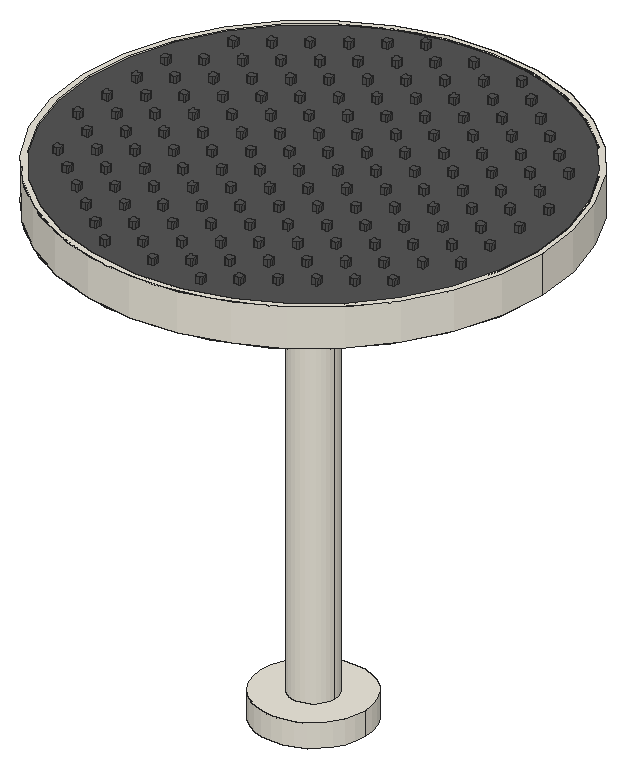
Revit family "Deca_Chuveiro Redondo de Teto_Flex Max_2085-TET", category Plumbing Fixtures, host Face, Revit 2020 (continued)
Forms (m)
  Extrusion 6, solid, material "Deca_Preto" <- "Material Secundário"
    sketch origin (0, 0, 0) x (1, 0, 0) y (0, 1, 0)
      loop
        arc (0.024248, -0.021074) -> (0.024744, -0.020868) -> (0.024949, -0.020372) r 0.000702
        line (0.024949, -0.020372) -> (0.024949, -0.018693)
        arc (0.024949, -0.018693) -> (0.024748, -0.018205) -> (0.024261, -0.018004) r 0.000689
        line (0.024261, -0.018004) -> (0.022543, -0.018004)
        arc (0.022543, -0.018004) -> (0.022045, -0.01821) -> (0.021839, -0.018708) r 0.000704
        line (0.021839, -0.018708) -> (0.021839, -0.020398)
        arc (0.021839, -0.020398) -> (0.022037, -0.020876) -> (0.022515, -0.021074) r 0.000675
        line (0.022515, -0.021074) -> (0.024248, -0.021074)
      loop
        arc (0.081704, -0.01233) -> (0.0822, -0.012124) -> (0.082405, -0.011628) r 0.000702
        line (0.082405, -0.011628) -> (0.082405, -0.009948)
        arc (0.082405, -0.009948) -> (0.082204, -0.009461) -> (0.081717, -0.009259) r 0.000689
        line (0.081717, -0.009259) -> (0.079999, -0.009259)
        arc (0.079999, -0.009259) -> (0.079501, -0.009466) -> (0.079295, -0.009964) r 0.000704
        line (0.079295, -0.009964) -> (0.079295, -0.011654)
        arc (0.079295, -0.011654) -> (0.079493, -0.012132) -> (0.079971, -0.01233) r 0.000675
        line (0.079971, -0.01233) -> (0.081704, -0.01233)
      loop
        arc (0.058801, -0.01233) -> (0.059297, -0.012124) -> (0.059503, -0.011628) r 0.000702
        line (0.059503, -0.011628) -> (0.059503, -0.009948)
        arc (0.059503, -0.009948) -> (0.059301, -0.009461) -> (0.058814, -0.009259) r 0.000689
        line (0.058814, -0.009259) -> (0.057097, -0.009259)
        arc (0.057097, -0.009259) -> (0.056599, -0.009466) -> (0.056393, -0.009964) r 0.000704
        line (0.056393, -0.009964) -> (0.056393, -0.011654)
        arc (0.056393, -0.011654) -> (0.05659, -0.012132) -> (0.057068, -0.01233) r 0.000675
        line (0.057068, -0.01233) -> (0.058801, -0.01233)
      loop
        arc (0.03579, -0.01233) -> (0.036286, -0.012124) -> (0.036492, -0.011628) r 0.000702
        line (0.036492, -0.011628) -> (0.036492, -0.009948)
        arc (0.036492, -0.009948) -> (0.03629, -0.009461) -> (0.035803, -0.009259) r 0.000689
        line (0.035803, -0.009259) -> (0.034086, -0.009259)
        arc (0.034086, -0.009259) -> (0.033588, -0.009466) -> (0.033382, -0.009964) r 0.000704
        line (0.033382, -0.009964) -> (0.033382, -0.011654)
        arc (0.033382, -0.011654) -> (0.033579, -0.012132) -> (0.034057, -0.01233) r 0.000675
        line (0.034057, -0.01233) -> (0.03579, -0.01233)
      loop
        arc (0.0128, -0.01233) -> (0.013296, -0.012124) -> (0.013502, -0.011628) r 0.000702
        line (0.013502, -0.011628) -> (0.013502, -0.009948)
        arc (0.013502, -0.009948) -> (0.0133, -0.009461) -> (0.012813, -0.009259) r 0.000689
        line (0.012813, -0.009259) -> (0.011096, -0.009259)
        arc (0.011096, -0.009259) -> (0.010598, -0.009466) -> (0.010391, -0.009964) r 0.000704
        line (0.010391, -0.009964) -> (0.010391, -0.011654)
        arc (0.010391, -0.011654) -> (0.010589, -0.012132) -> (0.011067, -0.01233) r 0.000675
        line (0.011067, -0.01233) -> (0.0128, -0.01233)
      loop
        arc (0.093151, -0.003588) -> (0.093648, -0.003382) -> (0.093853, -0.002886) r 0.000702
        line (0.093853, -0.002886) -> (0.093853, -0.001206)
        arc (0.093853, -0.001206) -> (0.093651, -0.000719) -> (0.093164, -0.000518) r 0.000689
        line (0.093164, -0.000518) -> (0.091447, -0.000518)
        arc (0.091447, -0.000518) -> (0.090949, -0.000724) -> (0.090743, -0.001222) r 0.000704
        line (0.090743, -0.001222) -> (0.090743, -0.002912)
        arc (0.090743, -0.002912) -> (0.090941, -0.00339) -> (0.091418, -0.003588) r 0.000675
        line (0.091418, -0.003588) -> (0.093151, -0.003588)
      loop
        arc (0.070249, -0.003588) -> (0.070745, -0.003382) -> (0.07095, -0.002886) r 0.000702
        line (0.07095, -0.002886) -> (0.07095, -0.001206)
        arc (0.07095, -0.001206) -> (0.070749, -0.000719) -> (0.070262, -0.000518) r 0.000689
        line (0.070262, -0.000518) -> (0.068544, -0.000518)
        arc (0.068544, -0.000518) -> (0.068047, -0.000724) -> (0.06784, -0.001222) r 0.000704
        line (0.06784, -0.001222) -> (0.06784, -0.002912)
        arc (0.06784, -0.002912) -> (0.068038, -0.00339) -> (0.068516, -0.003588) r 0.000675
        line (0.068516, -0.003588) -> (0.070249, -0.003588)
      loop
        arc (0.047238, -0.003588) -> (0.047734, -0.003382) -> (0.047939, -0.002886) r 0.000702
        line (0.047939, -0.002886) -> (0.047939, -0.001206)
        arc (0.047939, -0.001206) -> (0.047738, -0.000719) -> (0.047251, -0.000518) r 0.000689
        line (0.047251, -0.000518) -> (0.045533, -0.000518)
        arc (0.045533, -0.000518) -> (0.045036, -0.000724) -> (0.044829, -0.001222) r 0.000704
        line (0.044829, -0.001222) -> (0.044829, -0.002912)
        arc (0.044829, -0.002912) -> (0.045027, -0.00339) -> (0.045505, -0.003588) r 0.000675
        line (0.045505, -0.003588) -> (0.047238, -0.003588)
      loop
        arc (0.024248, -0.003588) -> (0.024744, -0.003382) -> (0.024949, -0.002886) r 0.000702
        line (0.024949, -0.002886) -> (0.024949, -0.001206)
        arc (0.024949, -0.001206) -> (0.024748, -0.000719) -> (0.024261, -0.000518) r 0.000689
        line (0.024261, -0.000518) -> (0.022543, -0.000518)
        arc (0.022543, -0.000518) -> (0.022045, -0.000724) -> (0.021839, -0.001222) r 0.000704
        line (0.021839, -0.001222) -> (0.021839, -0.002912)
        arc (0.021839, -0.002912) -> (0.022037, -0.00339) -> (0.022515, -0.003588) r 0.000675
        line (0.022515, -0.003588) -> (0.024248, -0.003588)
      loop
        arc (0.081704, 0.005156) -> (0.0822, 0.005362) -> (0.082405, 0.005858) r 0.000702
        line (0.082405, 0.005858) -> (0.082405, 0.007538)
        arc (0.082405, 0.007538) -> (0.082204, 0.008025) -> (0.081717, 0.008227) r 0.000689
        line (0.081717, 0.008227) -> (0.079999, 0.008227)
        arc (0.079999, 0.008227) -> (0.079501, 0.00802) -> (0.079295, 0.007522) r 0.000704
        line (0.079295, 0.007522) -> (0.079295, 0.005832)
        arc (0.079295, 0.005832) -> (0.079493, 0.005354) -> (0.079971, 0.005156) r 0.000675
        line (0.079971, 0.005156) -> (0.081704, 0.005156)
      loop
        arc (0.058801, 0.005156) -> (0.059297, 0.005362) -> (0.059503, 0.005858) r 0.000702
        line (0.059503, 0.005858) -> (0.059503, 0.007538)
        arc (0.059503, 0.007538) -> (0.059301, 0.008025) -> (0.058814, 0.008227) r 0.000689
        line (0.058814, 0.008227) -> (0.057097, 0.008227)
        arc (0.057097, 0.008227) -> (0.056599, 0.00802) -> (0.056393, 0.007522) r 0.000704
        line (0.056393, 0.007522) -> (0.056393, 0.005832)
        arc (0.056393, 0.005832) -> (0.05659, 0.005354) -> (0.057068, 0.005156) r 0.000675
        line (0.057068, 0.005156) -> (0.058801, 0.005156)
      loop
        arc (0.03579, 0.005156) -> (0.036286, 0.005362) -> (0.036492, 0.005858) r 0.000702
        line (0.036492, 0.005858) -> (0.036492, 0.007538)
        arc (0.036492, 0.007538) -> (0.03629, 0.008025) -> (0.035803, 0.008227) r 0.000689
        line (0.035803, 0.008227) -> (0.034086, 0.008227)
        arc (0.034086, 0.008227) -> (0.033588, 0.00802) -> (0.033382, 0.007522) r 0.000704
        line (0.033382, 0.007522) -> (0.033382, 0.005832)
        arc (0.033382, 0.005832) -> (0.033579, 0.005354) -> (0.034057, 0.005156) r 0.000675
        line (0.034057, 0.005156) -> (0.03579, 0.005156)
      loop
        arc (0.0128, 0.005156) -> (0.013296, 0.005362) -> (0.013502, 0.005858) r 0.000702
        line (0.013502, 0.005858) -> (0.013502, 0.007538)
        arc (0.013502, 0.007538) -> (0.0133, 0.008025) -> (0.012813, 0.008227) r 0.000689
        line (0.012813, 0.008227) -> (0.011096, 0.008227)
        arc (0.011096, 0.008227) -> (0.010598, 0.00802) -> (0.010391, 0.007522) r 0.000704
        line (0.010391, 0.007522) -> (0.010391, 0.005832)
        arc (0.010391, 0.005832) -> (0.010589, 0.005354) -> (0.011067, 0.005156) r 0.000675
        line (0.011067, 0.005156) -> (0.0128, 0.005156)
      loop
        arc (0.093151, 0.013926) -> (0.093648, 0.014132) -> (0.093853, 0.014628) r 0.000702
        line (0.093853, 0.014628) -> (0.093853, 0.016307)
        arc (0.093853, 0.016307) -> (0.093651, 0.016795) -> (0.093164, 0.016996) r 0.000689
        line (0.093164, 0.016996) -> (0.091447, 0.016996)
        arc (0.091447, 0.016996) -> (0.090949, 0.01679) -> (0.090743, 0.016292) r 0.000704
        line (0.090743, 0.016292) -> (0.090743, 0.014602)
        arc (0.090743, 0.014602) -> (0.090941, 0.014124) -> (0.091418, 0.013926) r 0.000675
        line (0.091418, 0.013926) -> (0.093151, 0.013926)
      loop
        arc (0.070249, 0.013926) -> (0.070745, 0.014132) -> (0.07095, 0.014628) r 0.000702
        line (0.07095, 0.014628) -> (0.07095, 0.016307)
        arc (0.07095, 0.016307) -> (0.070749, 0.016795) -> (0.070262, 0.016996) r 0.000689
        line (0.070262, 0.016996) -> (0.068544, 0.016996)
        arc (0.068544, 0.016996) -> (0.068047, 0.01679) -> (0.06784, 0.016292) r 0.000704
        line (0.06784, 0.016292) -> (0.06784, 0.014602)
        arc (0.06784, 0.014602) -> (0.068038, 0.014124) -> (0.068516, 0.013926) r 0.000675
        line (0.068516, 0.013926) -> (0.070249, 0.013926)
      loop
        arc (0.047238, 0.013926) -> (0.047734, 0.014132) -> (0.047939, 0.014628) r 0.000702
        line (0.047939, 0.014628) -> (0.047939, 0.016307)
        arc (0.047939, 0.016307) -> (0.047738, 0.016795) -> (0.047251, 0.016996) r 0.000689
        line (0.047251, 0.016996) -> (0.045533, 0.016996)
        arc (0.045533, 0.016996) -> (0.045036, 0.01679) -> (0.044829, 0.016292) r 0.000704
        line (0.044829, 0.016292) -> (0.044829, 0.014602)
        arc (0.044829, 0.014602) -> (0.045027, 0.014124) -> (0.045505, 0.013926) r 0.000675
        line (0.045505, 0.013926) -> (0.047238, 0.013926)
      loop
        arc (0.024248, 0.013926) -> (0.024744, 0.014132) -> (0.024949, 0.014628) r 0.000702
        line (0.024949, 0.014628) -> (0.024949, 0.016307)
        arc (0.024949, 0.016307) -> (0.024748, 0.016795) -> (0.024261, 0.016996) r 0.000689
        line (0.024261, 0.016996) -> (0.022543, 0.016996)
        arc (0.022543, 0.016996) -> (0.022045, 0.01679) -> (0.021839, 0.016292) r 0.000704
        line (0.021839, 0.016292) -> (0.021839, 0.014602)
        arc (0.021839, 0.014602) -> (0.022037, 0.014124) -> (0.022515, 0.013926) r 0.000675
        line (0.022515, 0.013926) -> (0.024248, 0.013926)
      loop
        arc (0.058801, -0.047358) -> (0.059297, -0.047152) -> (0.059503, -0.046656) r 0.000702
        line (0.059503, -0.046656) -> (0.059503, -0.044976)
        arc (0.059503, -0.044976) -> (0.059301, -0.044489) -> (0.058814, -0.044287) r 0.000689
        line (0.058814, -0.044287) -> (0.057097, -0.044287)
        arc (0.057097, -0.044287) -> (0.056599, -0.044494) -> (0.056393, -0.044992) r 0.000704
        line (0.056393, -0.044992) -> (0.056393, -0.046682)
        arc (0.056393, -0.046682) -> (0.05659, -0.04716) -> (0.057068, -0.047358) r 0.000675
        line (0.057068, -0.047358) -> (0.058801, -0.047358)
      loop
        arc (0.03579, -0.047358) -> (0.036286, -0.047152) -> (0.036492, -0.046656) r 0.000702
        line (0.036492, -0.046656) -> (0.036492, -0.044976)
        arc (0.036492, -0.044976) -> (0.03629, -0.044489) -> (0.035803, -0.044287) r 0.000689
        line (0.035803, -0.044287) -> (0.034086, -0.044287)
        arc (0.034086, -0.044287) -> (0.033588, -0.044494) -> (0.033382, -0.044992) r 0.000704
        line (0.033382, -0.044992) -> (0.033382, -0.046682)
        arc (0.033382, -0.046682) -> (0.033579, -0.04716) -> (0.034057, -0.047358) r 0.000675
        line (0.034057, -0.047358) -> (0.03579, -0.047358)
      loop
        arc (0.0128, -0.047358) -> (0.013296, -0.047152) -> (0.013502, -0.046656) r 0.000702
        line (0.013502, -0.046656) -> (0.013502, -0.044976)
        arc (0.013502, -0.044976) -> (0.0133, -0.044489) -> (0.012813, -0.044287) r 0.000689
        line (0.012813, -0.044287) -> (0.011096, -0.044287)
        arc (0.011096, -0.044287) -> (0.010598, -0.044494) -> (0.010391, -0.044992) r 0.000704
        line (0.010391, -0.044992) -> (0.010391, -0.046682)
        arc (0.010391, -0.046682) -> (0.010589, -0.04716) -> (0.011067, -0.047358) r 0.000675
        line (0.011067, -0.047358) -> (0.0128, -0.047358)
      loop
        arc (0.03579, -0.064872) -> (0.036286, -0.064666) -> (0.036492, -0.06417) r 0.000702
        line (0.036492, -0.06417) -> (0.036492, -0.06249)
        arc (0.036492, -0.06249) -> (0.03629, -0.062003) -> (0.035803, -0.061801) r 0.000689
        line (0.035803, -0.061801) -> (0.034086, -0.061801)
        arc (0.034086, -0.061801) -> (0.033588, -0.062008) -> (0.033382, -0.062506) r 0.000704
        line (0.033382, -0.062506) -> (0.033382, -0.064196)
        arc (0.033382, -0.064196) -> (0.033579, -0.064674) -> (0.034057, -0.064872) r 0.000675
        line (0.034057, -0.064872) -> (0.03579, -0.064872)
      loop
        arc (0.0128, -0.064872) -> (0.013296, -0.064666) -> (0.013502, -0.06417) r 0.000702
        line (0.013502, -0.06417) -> (0.013502, -0.06249)
        arc (0.013502, -0.06249) -> (0.0133, -0.062003) -> (0.012813, -0.061801) r 0.000689
        line (0.012813, -0.061801) -> (0.011096, -0.061801)
        arc (0.011096, -0.061801) -> (0.010598, -0.062008) -> (0.010391, -0.062506) r 0.000704
        line (0.010391, -0.062506) -> (0.010391, -0.064196)
        arc (0.010391, -0.064196) -> (0.010589, -0.064674) -> (0.011067, -0.064872) r 0.000675
        line (0.011067, -0.064872) -> (0.0128, -0.064872)
      loop
        arc (0.047238, -0.056102) -> (0.047734, -0.055896) -> (0.047939, -0.0554) r 0.000702
        line (0.047939, -0.0554) -> (0.047939, -0.05372)
        arc (0.047939, -0.05372) -> (0.047738, -0.053233) -> (0.047251, -0.053032) r 0.000689
        line (0.047251, -0.053032) -> (0.045533, -0.053032)
        arc (0.045533, -0.053032) -> (0.045036, -0.053238) -> (0.044829, -0.053736) r 0.000704
        line (0.044829, -0.053736) -> (0.044829, -0.055426)
        arc (0.044829, -0.055426) -> (0.045027, -0.055904) -> (0.045505, -0.056102) r 0.000675
        line (0.045505, -0.056102) -> (0.047238, -0.056102)
      loop
        arc (0.024248, -0.056102) -> (0.024744, -0.055896) -> (0.024949, -0.0554) r 0.000702
        line (0.024949, -0.0554) -> (0.024949, -0.05372)
        arc (0.024949, -0.05372) -> (0.024748, -0.053233) -> (0.024261, -0.053032) r 0.000689
        line (0.024261, -0.053032) -> (0.022543, -0.053032)
        arc (0.022543, -0.053032) -> (0.022045, -0.053238) -> (0.021839, -0.053736) r 0.000704
        line (0.021839, -0.053736) -> (0.021839, -0.055426)
        arc (0.021839, -0.055426) -> (0.022037, -0.055904) -> (0.022515, -0.056102) r 0.000675
        line (0.022515, -0.056102) -> (0.024248, -0.056102)
      loop
        arc (0.024248, -0.073616) -> (0.024744, -0.07341) -> (0.024949, -0.072914) r 0.000702
        line (0.024949, -0.072914) -> (0.024949, -0.071234)
        arc (0.024949, -0.071234) -> (0.024748, -0.070747) -> (0.024261, -0.070546) r 0.000689
        line (0.024261, -0.070546) -> (0.022543, -0.070546)
        arc (0.022543, -0.070546) -> (0.022045, -0.070752) -> (0.021839, -0.07125) r 0.000704
        line (0.021839, -0.07125) -> (0.021839, -0.07294)
        arc (0.021839, -0.07294) -> (0.022037, -0.073418) -> (0.022515, -0.073616) r 0.000675
        line (0.022515, -0.073616) -> (0.024248, -0.073616)
      loop
        line (-0.069454, -0.038588) -> (-0.067721, -0.038588)
        arc (-0.067721, -0.038588) -> (-0.067244, -0.03839) -> (-0.067046, -0.037912) r 0.000675
        line (-0.067046, -0.037912) -> (-0.067046, -0.036222)
        arc (-0.067046, -0.036222) -> (-0.067252, -0.035724) -> (-0.06775, -0.035518) r 0.000704
        line (-0.06775, -0.035518) -> (-0.069467, -0.035518)
        arc (-0.069467, -0.035518) -> (-0.069954, -0.035719) -> (-0.070156, -0.036206) r 0.000689
        line (-0.070156, -0.036206) -> (-0.070156, -0.037886)
        arc (-0.070156, -0.037886) -> (-0.06995, -0.038382) -> (-0.069454, -0.038588) r 0.000702
      loop
        line (-0.046443, -0.038588) -> (-0.04471, -0.038588)
        arc (-0.04471, -0.038588) -> (-0.044233, -0.03839) -> (-0.044035, -0.037912) r 0.000675
        line (-0.044035, -0.037912) -> (-0.044035, -0.036222)
        arc (-0.044035, -0.036222) -> (-0.044241, -0.035724) -> (-0.044739, -0.035518) r 0.000704
        line (-0.044739, -0.035518) -> (-0.046456, -0.035518)
        arc (-0.046456, -0.035518) -> (-0.046943, -0.035719) -> (-0.047145, -0.036206) r 0.000689
        line (-0.047145, -0.036206) -> (-0.047145, -0.037886)
        arc (-0.047145, -0.037886) -> (-0.046939, -0.038382) -> (-0.046443, -0.038588) r 0.000702
      loop
        line (-0.023453, -0.038588) -> (-0.02172, -0.038588)
        arc (-0.02172, -0.038588) -> (-0.021242, -0.03839) -> (-0.021045, -0.037912) r 0.000675
        line (-0.021045, -0.037912) -> (-0.021045, -0.036222)
        arc (-0.021045, -0.036222) -> (-0.021251, -0.035724) -> (-0.021749, -0.035518) r 0.000704
        line (-0.021749, -0.035518) -> (-0.023466, -0.035518)
        arc (-0.023466, -0.035518) -> (-0.023953, -0.035719) -> (-0.024155, -0.036206) r 0.000689
        line (-0.024155, -0.036206) -> (-0.024155, -0.037886)
        arc (-0.024155, -0.037886) -> (-0.023949, -0.038382) -> (-0.023453, -0.038588) r 0.000702
      loop
        line (-0.080909, -0.029844) -> (-0.079176, -0.029844)
        arc (-0.079176, -0.029844) -> (-0.078698, -0.029646) -> (-0.078501, -0.029168) r 0.000675
        line (-0.078501, -0.029168) -> (-0.078501, -0.027478)
        arc (-0.078501, -0.027478) -> (-0.078707, -0.02698) -> (-0.079205, -0.026773) r 0.000704
        line (-0.079205, -0.026773) -> (-0.080922, -0.026773)
        arc (-0.080922, -0.026773) -> (-0.081409, -0.026975) -> (-0.081611, -0.027462) r 0.000689
        line (-0.081611, -0.027462) -> (-0.081611, -0.029142)
        arc (-0.081611, -0.029142) -> (-0.081405, -0.029638) -> (-0.080909, -0.029844) r 0.000702
      loop
        line (-0.058006, -0.029844) -> (-0.056273, -0.029844)
        arc (-0.056273, -0.029844) -> (-0.055796, -0.029646) -> (-0.055598, -0.029168) r 0.000675
        line (-0.055598, -0.029168) -> (-0.055598, -0.027478)
        arc (-0.055598, -0.027478) -> (-0.055804, -0.02698) -> (-0.056302, -0.026773) r 0.000704
        line (-0.056302, -0.026773) -> (-0.058019, -0.026773)
        arc (-0.058019, -0.026773) -> (-0.058506, -0.026975) -> (-0.058708, -0.027462) r 0.000689
        line (-0.058708, -0.027462) -> (-0.058708, -0.029142)
        arc (-0.058708, -0.029142) -> (-0.058503, -0.029638) -> (-0.058006, -0.029844) r 0.000702
      loop
        line (-0.034995, -0.029844) -> (-0.033262, -0.029844)
        arc (-0.033262, -0.029844) -> (-0.032785, -0.029646) -> (-0.032587, -0.029168) r 0.000675
        line (-0.032587, -0.029168) -> (-0.032587, -0.027478)
        arc (-0.032587, -0.027478) -> (-0.032793, -0.02698) -> (-0.033291, -0.026773) r 0.000704
        line (-0.033291, -0.026773) -> (-0.035008, -0.026773)
        arc (-0.035008, -0.026773) -> (-0.035495, -0.026975) -> (-0.035697, -0.027462) r 0.000689
        line (-0.035697, -0.027462) -> (-0.035697, -0.029142)
        arc (-0.035697, -0.029142) -> (-0.035492, -0.029638) -> (-0.034995, -0.029844) r 0.000702
      loop
        line (-0.012005, -0.029844) -> (-0.010272, -0.029844)
        arc (-0.010272, -0.029844) -> (-0.009795, -0.029646) -> (-0.009597, -0.029168) r 0.000675
        line (-0.009597, -0.029168) -> (-0.009597, -0.027478)
        arc (-0.009597, -0.027478) -> (-0.009803, -0.02698) -> (-0.010301, -0.026773) r 0.000704
        line (-0.010301, -0.026773) -> (-0.012018, -0.026773)
        arc (-0.012018, -0.026773) -> (-0.012505, -0.026975) -> (-0.012707, -0.027462) r 0.000689
        line (-0.012707, -0.027462) -> (-0.012707, -0.029142)
        arc (-0.012707, -0.029142) -> (-0.012501, -0.029638) -> (-0.012005, -0.029844) r 0.000702
      loop
        line (-0.069454, -0.021074) -> (-0.067721, -0.021074)
        arc (-0.067721, -0.021074) -> (-0.067244, -0.020876) -> (-0.067046, -0.020398) r 0.000675
        line (-0.067046, -0.020398) -> (-0.067046, -0.018708)
        arc (-0.067046, -0.018708) -> (-0.067252, -0.01821) -> (-0.06775, -0.018004) r 0.000704
        line (-0.06775, -0.018004) -> (-0.069467, -0.018004)
        arc (-0.069467, -0.018004) -> (-0.069954, -0.018205) -> (-0.070156, -0.018693) r 0.000689
        line (-0.070156, -0.018693) -> (-0.070156, -0.020372)
        arc (-0.070156, -0.020372) -> (-0.06995, -0.020868) -> (-0.069454, -0.021074) r 0.000702
      loop
        line (-0.046443, -0.021074) -> (-0.04471, -0.021074)
        arc (-0.04471, -0.021074) -> (-0.044233, -0.020876) -> (-0.044035, -0.020398) r 0.000675
        line (-0.044035, -0.020398) -> (-0.044035, -0.018708)
        arc (-0.044035, -0.018708) -> (-0.044241, -0.01821) -> (-0.044739, -0.018004) r 0.000704
        line (-0.044739, -0.018004) -> (-0.046456, -0.018004)
        arc (-0.046456, -0.018004) -> (-0.046943, -0.018205) -> (-0.047145, -0.018693) r 0.000689
        line (-0.047145, -0.018693) -> (-0.047145, -0.020372)
        arc (-0.047145, -0.020372) -> (-0.046939, -0.020868) -> (-0.046443, -0.021074) r 0.000702
      loop
        line (-0.023453, -0.021074) -> (-0.02172, -0.021074)
        arc (-0.02172, -0.021074) -> (-0.021242, -0.020876) -> (-0.021045, -0.020398) r 0.000675
        line (-0.021045, -0.020398) -> (-0.021045, -0.018708)
        arc (-0.021045, -0.018708) -> (-0.021251, -0.01821) -> (-0.021749, -0.018004) r 0.000704
        line (-0.021749, -0.018004) -> (-0.023466, -0.018004)
        arc (-0.023466, -0.018004) -> (-0.023953, -0.018205) -> (-0.024155, -0.018693) r 0.000689
        line (-0.024155, -0.018693) -> (-0.024155, -0.020372)
        arc (-0.024155, -0.020372) -> (-0.023949, -0.020868) -> (-0.023453, -0.021074) r 0.000702
      loop
        line (-0.080909, -0.01233) -> (-0.079176, -0.01233)
        arc (-0.079176, -0.01233) -> (-0.078698, -0.012132) -> (-0.078501, -0.011654) r 0.000675
        line (-0.078501, -0.011654) -> (-0.078501, -0.009964)
        arc (-0.078501, -0.009964) -> (-0.078707, -0.009466) -> (-0.079205, -0.009259) r 0.000704
        line (-0.079205, -0.009259) -> (-0.080922, -0.009259)
        arc (-0.080922, -0.009259) -> (-0.081409, -0.009461) -> (-0.081611, -0.009948) r 0.000689
        line (-0.081611, -0.009948) -> (-0.081611, -0.011628)
        arc (-0.081611, -0.011628) -> (-0.081405, -0.012124) -> (-0.080909, -0.01233) r 0.000702
      loop
        line (-0.058006, -0.01233) -> (-0.056273, -0.01233)
        arc (-0.056273, -0.01233) -> (-0.055796, -0.012132) -> (-0.055598, -0.011654) r 0.000675
        line (-0.055598, -0.011654) -> (-0.055598, -0.009964)
        arc (-0.055598, -0.009964) -> (-0.055804, -0.009466) -> (-0.056302, -0.009259) r 0.000704
        line (-0.056302, -0.009259) -> (-0.058019, -0.009259)
        arc (-0.058019, -0.009259) -> (-0.058506, -0.009461) -> (-0.058708, -0.009948) r 0.000689
        line (-0.058708, -0.009948) -> (-0.058708, -0.011628)
        arc (-0.058708, -0.011628) -> (-0.058503, -0.012124) -> (-0.058006, -0.01233) r 0.000702
      loop
        line (-0.034995, -0.01233) -> (-0.033262, -0.01233)
        arc (-0.033262, -0.01233) -> (-0.032785, -0.012132) -> (-0.032587, -0.011654) r 0.000675
        line (-0.032587, -0.011654) -> (-0.032587, -0.009964)
        arc (-0.032587, -0.009964) -> (-0.032793, -0.009466) -> (-0.033291, -0.009259) r 0.000704
        line (-0.033291, -0.009259) -> (-0.035008, -0.009259)
        arc (-0.035008, -0.009259) -> (-0.035495, -0.009461) -> (-0.035697, -0.009948) r 0.000689
        line (-0.035697, -0.009948) -> (-0.035697, -0.011628)
        arc (-0.035697, -0.011628) -> (-0.035492, -0.012124) -> (-0.034995, -0.01233) r 0.000702
      loop
        line (-0.012005, -0.01233) -> (-0.010272, -0.01233)
        arc (-0.010272, -0.01233) -> (-0.009795, -0.012132) -> (-0.009597, -0.011654) r 0.000675
        line (-0.009597, -0.011654) -> (-0.009597, -0.009964)
        arc (-0.009597, -0.009964) -> (-0.009803, -0.009466) -> (-0.010301, -0.009259) r 0.000704
        line (-0.010301, -0.009259) -> (-0.012018, -0.009259)
        arc (-0.012018, -0.009259) -> (-0.012505, -0.009461) -> (-0.012707, -0.009948) r 0.000689
        line (-0.012707, -0.009948) -> (-0.012707, -0.011628)
        arc (-0.012707, -0.011628) -> (-0.012501, -0.012124) -> (-0.012005, -0.01233) r 0.000702
      loop
        line (-0.092357, -0.003588) -> (-0.090624, -0.003588)
        arc (-0.090624, -0.003588) -> (-0.090146, -0.00339) -> (-0.089948, -0.002912) r 0.000675
        line (-0.089948, -0.002912) -> (-0.089948, -0.001222)
        arc (-0.089948, -0.001222) -> (-0.090155, -0.000724) -> (-0.090653, -0.000518) r 0.000704
        line (-0.090653, -0.000518) -> (-0.09237, -0.000518)
        arc (-0.09237, -0.000518) -> (-0.092857, -0.000719) -> (-0.093058, -0.001206) r 0.000689
        line (-0.093058, -0.001206) -> (-0.093058, -0.002886)
        arc (-0.093058, -0.002886) -> (-0.092853, -0.003382) -> (-0.092357, -0.003588) r 0.000702
      loop
        line (-0.069454, -0.003588) -> (-0.067721, -0.003588)
        arc (-0.067721, -0.003588) -> (-0.067244, -0.00339) -> (-0.067046, -0.002912) r 0.000675
        line (-0.067046, -0.002912) -> (-0.067046, -0.001222)
        arc (-0.067046, -0.001222) -> (-0.067252, -0.000724) -> (-0.06775, -0.000518) r 0.000704
        line (-0.06775, -0.000518) -> (-0.069467, -0.000518)
        arc (-0.069467, -0.000518) -> (-0.069954, -0.000719) -> (-0.070156, -0.001206) r 0.000689
        line (-0.070156, -0.001206) -> (-0.070156, -0.002886)
        arc (-0.070156, -0.002886) -> (-0.06995, -0.003382) -> (-0.069454, -0.003588) r 0.000702
      loop
        line (-0.046443, -0.003588) -> (-0.04471, -0.003588)
        arc (-0.04471, -0.003588) -> (-0.044233, -0.00339) -> (-0.044035, -0.002912) r 0.000675
        line (-0.044035, -0.002912) -> (-0.044035, -0.001222)
        arc (-0.044035, -0.001222) -> (-0.044241, -0.000724) -> (-0.044739, -0.000518) r 0.000704
        line (-0.044739, -0.000518) -> (-0.046456, -0.000518)
        arc (-0.046456, -0.000518) -> (-0.046943, -0.000719) -> (-0.047145, -0.001206) r 0.000689
        line (-0.047145, -0.001206) -> (-0.047145, -0.002886)
        arc (-0.047145, -0.002886) -> (-0.046939, -0.003382) -> (-0.046443, -0.003588) r 0.000702
      loop
        line (-0.023453, -0.003588) -> (-0.02172, -0.003588)
        arc (-0.02172, -0.003588) -> (-0.021242, -0.00339) -> (-0.021045, -0.002912) r 0.000675
        line (-0.021045, -0.002912) -> (-0.021045, -0.001222)
        arc (-0.021045, -0.001222) -> (-0.021251, -0.000724) -> (-0.021749, -0.000518) r 0.000704
        line (-0.021749, -0.000518) -> (-0.023466, -0.000518)
        arc (-0.023466, -0.000518) -> (-0.023953, -0.000719) -> (-0.024155, -0.001206) r 0.000689
        line (-0.024155, -0.001206) -> (-0.024155, -0.002886)
        arc (-0.024155, -0.002886) -> (-0.023949, -0.003382) -> (-0.023453, -0.003588) r 0.000702
      loop
        line (-0.080909, 0.005156) -> (-0.079176, 0.005156)
        arc (-0.079176, 0.005156) -> (-0.078698, 0.005354) -> (-0.078501, 0.005832) r 0.000675
        line (-0.078501, 0.005832) -> (-0.078501, 0.007522)
        arc (-0.078501, 0.007522) -> (-0.078707, 0.00802) -> (-0.079205, 0.008227) r 0.000704
        line (-0.079205, 0.008227) -> (-0.080922, 0.008227)
        arc (-0.080922, 0.008227) -> (-0.081409, 0.008025) -> (-0.081611, 0.007538) r 0.000689
        line (-0.081611, 0.007538) -> (-0.081611, 0.005858)
        arc (-0.081611, 0.005858) -> (-0.081405, 0.005362) -> (-0.080909, 0.005156) r 0.000702
      loop
        line (-0.058006, 0.005156) -> (-0.056273, 0.005156)
        arc (-0.056273, 0.005156) -> (-0.055796, 0.005354) -> (-0.055598, 0.005832) r 0.000675
        line (-0.055598, 0.005832) -> (-0.055598, 0.007522)
        arc (-0.055598, 0.007522) -> (-0.055804, 0.00802) -> (-0.056302, 0.008227) r 0.000704
        line (-0.056302, 0.008227) -> (-0.058019, 0.008227)
        arc (-0.058019, 0.008227) -> (-0.058506, 0.008025) -> (-0.058708, 0.007538) r 0.000689
        line (-0.058708, 0.007538) -> (-0.058708, 0.005858)
        arc (-0.058708, 0.005858) -> (-0.058503, 0.005362) -> (-0.058006, 0.005156) r 0.000702
      loop
        line (-0.034995, 0.005156) -> (-0.033262, 0.005156)
        arc (-0.033262, 0.005156) -> (-0.032785, 0.005354) -> (-0.032587, 0.005832) r 0.000675
        line (-0.032587, 0.005832) -> (-0.032587, 0.007522)
        arc (-0.032587, 0.007522) -> (-0.032793, 0.00802) -> (-0.033291, 0.008227) r 0.000704
        line (-0.033291, 0.008227) -> (-0.035008, 0.008227)
        arc (-0.035008, 0.008227) -> (-0.035495, 0.008025) -> (-0.035697, 0.007538) r 0.000689
        line (-0.035697, 0.007538) -> (-0.035697, 0.005858)
        arc (-0.035697, 0.005858) -> (-0.035492, 0.005362) -> (-0.034995, 0.005156) r 0.000702
      loop
        line (-0.012005, 0.005156) -> (-0.010272, 0.005156)
        arc (-0.010272, 0.005156) -> (-0.009795, 0.005354) -> (-0.009597, 0.005832) r 0.000675
        line (-0.009597, 0.005832) -> (-0.009597, 0.007522)
        arc (-0.009597, 0.007522) -> (-0.009803, 0.00802) -> (-0.010301, 0.008227) r 0.000704
        line (-0.010301, 0.008227) -> (-0.012018, 0.008227)
        arc (-0.012018, 0.008227) -> (-0.012505, 0.008025) -> (-0.012707, 0.007538) r 0.000689
        line (-0.012707, 0.007538) -> (-0.012707, 0.005858)
        arc (-0.012707, 0.005858) -> (-0.012501, 0.005362) -> (-0.012005, 0.005156) r 0.000702
      loop
        line (-0.092357, 0.013926) -> (-0.090624, 0.013926)
        arc (-0.090624, 0.013926) -> (-0.090146, 0.014124) -> (-0.089948, 0.014602) r 0.000675
        line (-0.089948, 0.014602) -> (-0.089948, 0.016292)
        arc (-0.089948, 0.016292) -> (-0.090155, 0.01679) -> (-0.090653, 0.016996) r 0.000704
        line (-0.090653, 0.016996) -> (-0.09237, 0.016996)
        arc (-0.09237, 0.016996) -> (-0.092857, 0.016795) -> (-0.093058, 0.016307) r 0.000689
        line (-0.093058, 0.016307) -> (-0.093058, 0.014628)
        arc (-0.093058, 0.014628) -> (-0.092853, 0.014132) -> (-0.092357, 0.013926) r 0.000702
      loop
        line (-0.069454, 0.013926) -> (-0.067721, 0.013926)
        arc (-0.067721, 0.013926) -> (-0.067244, 0.014124) -> (-0.067046, 0.014602) r 0.000675
        line (-0.067046, 0.014602) -> (-0.067046, 0.016292)
        arc (-0.067046, 0.016292) -> (-0.067252, 0.01679) -> (-0.06775, 0.016996) r 0.000704
        line (-0.06775, 0.016996) -> (-0.069467, 0.016996)
        arc (-0.069467, 0.016996) -> (-0.069954, 0.016795) -> (-0.070156, 0.016307) r 0.000689
        line (-0.070156, 0.016307) -> (-0.070156, 0.014628)
        arc (-0.070156, 0.014628) -> (-0.06995, 0.014132) -> (-0.069454, 0.013926) r 0.000702
      loop
        line (-0.046443, 0.013926) -> (-0.04471, 0.013926)
        arc (-0.04471, 0.013926) -> (-0.044233, 0.014124) -> (-0.044035, 0.014602) r 0.000675
        line (-0.044035, 0.014602) -> (-0.044035, 0.016292)
        arc (-0.044035, 0.016292) -> (-0.044241, 0.01679) -> (-0.044739, 0.016996) r 0.000704
        line (-0.044739, 0.016996) -> (-0.046456, 0.016996)
        arc (-0.046456, 0.016996) -> (-0.046943, 0.016795) -> (-0.047145, 0.016307) r 0.000689
        line (-0.047145, 0.016307) -> (-0.047145, 0.014628)
        arc (-0.047145, 0.014628) -> (-0.046939, 0.014132) -> (-0.046443, 0.013926) r 0.000702
      loop
        line (-0.023453, 0.013926) -> (-0.02172, 0.013926)
        arc (-0.02172, 0.013926) -> (-0.021242, 0.014124) -> (-0.021045, 0.014602) r 0.000675
        line (-0.021045, 0.014602) -> (-0.021045, 0.016292)
        arc (-0.021045, 0.016292) -> (-0.021251, 0.01679) -> (-0.021749, 0.016996) r 0.000704
        line (-0.021749, 0.016996) -> (-0.023466, 0.016996)
        arc (-0.023466, 0.016996) -> (-0.023953, 0.016795) -> (-0.024155, 0.016307) r 0.000689
        line (-0.024155, 0.016307) -> (-0.024155, 0.014628)
        arc (-0.024155, 0.014628) -> (-0.023949, 0.014132) -> (-0.023453, 0.013926) r 0.000702
      loop
        line (-0.058006, -0.047358) -> (-0.056273, -0.047358)
        arc (-0.056273, -0.047358) -> (-0.055796, -0.04716) -> (-0.055598, -0.046682) r 0.000675
        line (-0.055598, -0.046682) -> (-0.055598, -0.044992)
        arc (-0.055598, -0.044992) -> (-0.055804, -0.044494) -> (-0.056302, -0.044287) r 0.000704
        line (-0.056302, -0.044287) -> (-0.058019, -0.044287)
        arc (-0.058019, -0.044287) -> (-0.058506, -0.044489) -> (-0.058708, -0.044976) r 0.000689
        line (-0.058708, -0.044976) -> (-0.058708, -0.046656)
        arc (-0.058708, -0.046656) -> (-0.058503, -0.047152) -> (-0.058006, -0.047358) r 0.000702
      loop
        line (-0.034995, -0.047358) -> (-0.033262, -0.047358)
        arc (-0.033262, -0.047358) -> (-0.032785, -0.04716) -> (-0.032587, -0.046682) r 0.000675
        line (-0.032587, -0.046682) -> (-0.032587, -0.044992)
        arc (-0.032587, -0.044992) -> (-0.032793, -0.044494) -> (-0.033291, -0.044287) r 0.000704
        line (-0.033291, -0.044287) -> (-0.035008, -0.044287)
        arc (-0.035008, -0.044287) -> (-0.035495, -0.044489) -> (-0.035697, -0.044976) r 0.000689
        line (-0.035697, -0.044976) -> (-0.035697, -0.046656)
        arc (-0.035697, -0.046656) -> (-0.035492, -0.047152) -> (-0.034995, -0.047358) r 0.000702
      loop
        line (-0.012005, -0.047358) -> (-0.010272, -0.047358)
        arc (-0.010272, -0.047358) -> (-0.009795, -0.04716) -> (-0.009597, -0.046682) r 0.000675
        line (-0.009597, -0.046682) -> (-0.009597, -0.044992)
        arc (-0.009597, -0.044992) -> (-0.009803, -0.044494) -> (-0.010301, -0.044287) r 0.000704
        line (-0.010301, -0.044287) -> (-0.012018, -0.044287)
        arc (-0.012018, -0.044287) -> (-0.012505, -0.044489) -> (-0.012707, -0.044976) r 0.000689
        line (-0.012707, -0.044976) -> (-0.012707, -0.046656)
        arc (-0.012707, -0.046656) -> (-0.012501, -0.047152) -> (-0.012005, -0.047358) r 0.000702
      loop
        line (-0.034995, -0.064872) -> (-0.033262, -0.064872)
        arc (-0.033262, -0.064872) -> (-0.032785, -0.064674) -> (-0.032587, -0.064196) r 0.000675
        line (-0.032587, -0.064196) -> (-0.032587, -0.062506)
        arc (-0.032587, -0.062506) -> (-0.032793, -0.062008) -> (-0.033291, -0.061801) r 0.000704
        line (-0.033291, -0.061801) -> (-0.035008, -0.061801)
        arc (-0.035008, -0.061801) -> (-0.035495, -0.062003) -> (-0.035697, -0.06249) r 0.000689
        line (-0.035697, -0.06249) -> (-0.035697, -0.06417)
        arc (-0.035697, -0.06417) -> (-0.035492, -0.064666) -> (-0.034995, -0.064872) r 0.000702
      loop
        line (-0.012005, -0.064872) -> (-0.010272, -0.064872)
        arc (-0.010272, -0.064872) -> (-0.009795, -0.064674) -> (-0.009597, -0.064196) r 0.000675
        line (-0.009597, -0.064196) -> (-0.009597, -0.062506)
        arc (-0.009597, -0.062506) -> (-0.009803, -0.062008) -> (-0.010301, -0.061801) r 0.000704
        line (-0.010301, -0.061801) -> (-0.012018, -0.061801)
        arc (-0.012018, -0.061801) -> (-0.012505, -0.062003) -> (-0.012707, -0.06249) r 0.000689
        line (-0.012707, -0.06249) -> (-0.012707, -0.06417)
        arc (-0.012707, -0.06417) -> (-0.012501, -0.064666) -> (-0.012005, -0.064872) r 0.000702
      loop
        line (-0.046443, -0.056102) -> (-0.04471, -0.056102)
        arc (-0.04471, -0.056102) -> (-0.044233, -0.055904) -> (-0.044035, -0.055426) r 0.000675
        line (-0.044035, -0.055426) -> (-0.044035, -0.053736)
        arc (-0.044035, -0.053736) -> (-0.044241, -0.053238) -> (-0.044739, -0.053032) r 0.000704
        line (-0.044739, -0.053032) -> (-0.046456, -0.053032)
        arc (-0.046456, -0.053032) -> (-0.046943, -0.053233) -> (-0.047145, -0.05372) r 0.000689
        line (-0.047145, -0.05372) -> (-0.047145, -0.0554)
        arc (-0.047145, -0.0554) -> (-0.046939, -0.055896) -> (-0.046443, -0.056102) r 0.000702
      loop
        line (-0.023453, -0.056102) -> (-0.02172, -0.056102)
        arc (-0.02172, -0.056102) -> (-0.021242, -0.055904) -> (-0.021045, -0.055426) r 0.000675
        line (-0.021045, -0.055426) -> (-0.021045, -0.053736)
        arc (-0.021045, -0.053736) -> (-0.021251, -0.053238) -> (-0.021749, -0.053032) r 0.000704
        line (-0.021749, -0.053032) -> (-0.023466, -0.053032)
        arc (-0.023466, -0.053032) -> (-0.023953, -0.053233) -> (-0.024155, -0.05372) r 0.000689
        line (-0.024155, -0.05372) -> (-0.024155, -0.0554)
        arc (-0.024155, -0.0554) -> (-0.023949, -0.055896) -> (-0.023453, -0.056102) r 0.000702
      loop
        line (-0.023453, -0.073616) -> (-0.02172, -0.073616)
        arc (-0.02172, -0.073616) -> (-0.021242, -0.073418) -> (-0.021045, -0.07294) r 0.000675
        line (-0.021045, -0.07294) -> (-0.021045, -0.07125)
        arc (-0.021045, -0.07125) -> (-0.021251, -0.070752) -> (-0.021749, -0.070546) r 0.000704
        line (-0.021749, -0.070546) -> (-0.023466, -0.070546)
        arc (-0.023466, -0.070546) -> (-0.023953, -0.070747) -> (-0.024155, -0.071234) r 0.000689
        line (-0.024155, -0.071234) -> (-0.024155, -0.072914)
        arc (-0.024155, -0.072914) -> (-0.023949, -0.07341) -> (-0.023453, -0.073616) r 0.000702
      loop
        line (-0.000469, -0.038588) -> (0.001264, -0.038588)
        arc (0.001264, -0.038588) -> (0.001741, -0.03839) -> (0.001939, -0.037912) r 0.000675
        line (0.001939, -0.037912) -> (0.001939, -0.036222)
        arc (0.001939, -0.036222) -> (0.001733, -0.035724) -> (0.001235, -0.035518) r 0.000704
        line (0.001235, -0.035518) -> (-0.000482, -0.035518)
        arc (-0.000482, -0.035518) -> (-0.000969, -0.035719) -> (-0.001171, -0.036206) r 0.000689
        line (-0.001171, -0.036206) -> (-0.001171, -0.037886)
        arc (-0.001171, -0.037886) -> (-0.000965, -0.038382) -> (-0.000469, -0.038588) r 0.000702
      loop
        line (-0.000469, -0.021074) -> (0.001264, -0.021074)
        arc (0.001264, -0.021074) -> (0.001741, -0.020876) -> (0.001939, -0.020398) r 0.000675
        line (0.001939, -0.020398) -> (0.001939, -0.018708)
        arc (0.001939, -0.018708) -> (0.001733, -0.01821) -> (0.001235, -0.018004) r 0.000704
        line (0.001235, -0.018004) -> (-0.000482, -0.018004)
        arc (-0.000482, -0.018004) -> (-0.000969, -0.018205) -> (-0.001171, -0.018693) r 0.000689
        line (-0.001171, -0.018693) -> (-0.001171, -0.020372)
        arc (-0.001171, -0.020372) -> (-0.000965, -0.020868) -> (-0.000469, -0.021074) r 0.000702
      loop
        line (-0.000469, -0.003588) -> (0.001264, -0.003588)
        arc (0.001264, -0.003588) -> (0.001741, -0.00339) -> (0.001939, -0.002912) r 0.000675
        line (0.001939, -0.002912) -> (0.001939, -0.001222)
        arc (0.001939, -0.001222) -> (0.001733, -0.000724) -> (0.001235, -0.000518) r 0.000704
        line (0.001235, -0.000518) -> (-0.000482, -0.000518)
        arc (-0.000482, -0.000518) -> (-0.000969, -0.000719) -> (-0.001171, -0.001206) r 0.000689
        line (-0.001171, -0.001206) -> (-0.001171, -0.002886)
        arc (-0.001171, -0.002886) -> (-0.000965, -0.003382) -> (-0.000469, -0.003588) r 0.000702
      loop
        line (-0.000469, 0.013926) -> (0.001264, 0.013926)
        arc (0.001264, 0.013926) -> (0.001741, 0.014124) -> (0.001939, 0.014602) r 0.000675
        line (0.001939, 0.014602) -> (0.001939, 0.016292)
        arc (0.001939, 0.016292) -> (0.001733, 0.01679) -> (0.001235, 0.016996) r 0.000704
        line (0.001235, 0.016996) -> (-0.000482, 0.016996)
        arc (-0.000482, 0.016996) -> (-0.000969, 0.016795) -> (-0.001171, 0.016307) r 0.000689
        line (-0.001171, 0.016307) -> (-0.001171, 0.014628)
        arc (-0.001171, 0.014628) -> (-0.000965, 0.014132) -> (-0.000469, 0.013926) r 0.000702
      loop
        line (-0.000469, -0.056102) -> (0.001264, -0.056102)
        arc (0.001264, -0.056102) -> (0.001741, -0.055904) -> (0.001939, -0.055426) r 0.000675
        line (0.001939, -0.055426) -> (0.001939, -0.053736)
        arc (0.001939, -0.053736) -> (0.001733, -0.053238) -> (0.001235, -0.053032) r 0.000704
        line (0.001235, -0.053032) -> (-0.000482, -0.053032)
        arc (-0.000482, -0.053032) -> (-0.000969, -0.053233) -> (-0.001171, -0.05372) r 0.000689
        line (-0.001171, -0.05372) -> (-0.001171, -0.0554)
        arc (-0.001171, -0.0554) -> (-0.000965, -0.055896) -> (-0.000469, -0.056102) r 0.000702
      loop
        line (-0.000469, -0.073616) -> (0.001264, -0.073616)
        arc (0.001264, -0.073616) -> (0.001741, -0.073418) -> (0.001939, -0.07294) r 0.000675
        line (0.001939, -0.07294) -> (0.001939, -0.07125)
        arc (0.001939, -0.07125) -> (0.001733, -0.070752) -> (0.001235, -0.070546) r 0.000704
        line (0.001235, -0.070546) -> (-0.000482, -0.070546)
        arc (-0.000482, -0.070546) -> (-0.000969, -0.070747) -> (-0.001171, -0.071234) r 0.000689
        line (-0.001171, -0.071234) -> (-0.001171, -0.072914)
        arc (-0.001171, -0.072914) -> (-0.000965, -0.07341) -> (-0.000469, -0.073616) r 0.000702
      loop
        line (0.081704, 0.025828) -> (0.079971, 0.025828)
        arc (0.079971, 0.025828) -> (0.079493, 0.02563) -> (0.079295, 0.025153) r 0.000675
        line (0.079295, 0.025153) -> (0.079295, 0.023462)
        arc (0.079295, 0.023462) -> (0.079501, 0.022964) -> (0.079999, 0.022758) r 0.000704
        line (0.079999, 0.022758) -> (0.081717, 0.022758)
        arc (0.081717, 0.022758) -> (0.082204, 0.02296) -> (0.082405, 0.023447) r 0.000689
        line (0.082405, 0.023447) -> (0.082405, 0.025126)
        arc (0.082405, 0.025126) -> (0.0822, 0.025622) -> (0.081704, 0.025828) r 0.000702
      loop
        line (0.058801, 0.025828) -> (0.057068, 0.025828)
        arc (0.057068, 0.025828) -> (0.05659, 0.02563) -> (0.056393, 0.025153) r 0.000675
        line (0.056393, 0.025153) -> (0.056393, 0.023462)
        arc (0.056393, 0.023462) -> (0.056599, 0.022964) -> (0.057097, 0.022758) r 0.000704
        line (0.057097, 0.022758) -> (0.058814, 0.022758)
        arc (0.058814, 0.022758) -> (0.059301, 0.02296) -> (0.059503, 0.023447) r 0.000689
        line (0.059503, 0.023447) -> (0.059503, 0.025126)
        arc (0.059503, 0.025126) -> (0.059297, 0.025622) -> (0.058801, 0.025828) r 0.000702
      loop
        line (0.03579, 0.025828) -> (0.034057, 0.025828)
        arc (0.034057, 0.025828) -> (0.033579, 0.02563) -> (0.033382, 0.025153) r 0.000675
        line (0.033382, 0.025153) -> (0.033382, 0.023462)
        arc (0.033382, 0.023462) -> (0.033588, 0.022964) -> (0.034086, 0.022758) r 0.000704
        line (0.034086, 0.022758) -> (0.035803, 0.022758)
        arc (0.035803, 0.022758) -> (0.03629, 0.02296) -> (0.036492, 0.023447) r 0.000689
        line (0.036492, 0.023447) -> (0.036492, 0.025126)
        arc (0.036492, 0.025126) -> (0.036286, 0.025622) -> (0.03579, 0.025828) r 0.000702
      loop
        line (0.0128, 0.025828) -> (0.011067, 0.025828)
        arc (0.011067, 0.025828) -> (0.010589, 0.02563) -> (0.010391, 0.025153) r 0.000675
        line (0.010391, 0.025153) -> (0.010391, 0.023462)
        arc (0.010391, 0.023462) -> (0.010598, 0.022964) -> (0.011096, 0.022758) r 0.000704
        line (0.011096, 0.022758) -> (0.012813, 0.022758)
        arc (0.012813, 0.022758) -> (0.0133, 0.02296) -> (0.013502, 0.023447) r 0.000689
        line (0.013502, 0.023447) -> (0.013502, 0.025126)
        arc (0.013502, 0.025126) -> (0.013296, 0.025622) -> (0.0128, 0.025828) r 0.000702
    from 0.233389 to 0.239837
Cuts and joins
  joined: Extrusion 5, Extrusion 6
Lines and regions (m)
  Masking region 1
    outline origin (0, 0, 0) x (1, 0, 0) y (0, 1, 0)
      loop
        circle (0.000397, 0.024249) r 0.11
  Masking region 2
    outline origin (0, 0.024249, 0) x (1, 0, 0) y (0, 0, 1)
      loop
        arc (-0.017939, 0.218489) -> (-0.017665, 0.208921) -> (-0.017094, 0.199367) r 0.306482
        arc (-0.017094, 0.199367) -> (-0.01646, 0.198052) -> (-0.015101, 0.197518) r 0.001999
        line (-0.015101, 0.197518) -> (-0.009689, 0.197517) -> (-0.008462, 0.19598) -> (-0.008463, 0.193518) -> (-0.010959, 0.192804) -> (-0.011002, 0.178013) -> (-0.009804, 0.176396) -> (-0.009814, 0.146499) -> (-0.009858, 0.011004) -> (-0.024598, 0.011009) -> (-0.024601, 0.000008) -> (0.025396, -0.000008) -> (0.025399, 0.010993) -> (0.010792, 0.010997) -> (0.010836, 0.146492) -> (0.010846, 0.17639) -> (0.012034, 0.178006) -> (0.012008, 0.192798) -> (0.009512, 0.193512) -> (0.009513, 0.195972) -> (0.010616, 0.19751) -> (0.016114, 0.197508)
        arc (0.016114, 0.197508) -> (0.017499, 0.198026) -> (0.018148, 0.199354) r 0.001998
        arc (0.018148, 0.199354) -> (0.018726, 0.208909) -> (0.019007, 0.218477) r 0.308933
        line (0.019007, 0.218477) -> (0.030502, 0.218559) -> (0.042005, 0.218703) -> (0.070754, 0.219055) -> (0.110177, 0.219184) -> (0.1105, 0.237272) -> (0.09458, 0.237277) -> (0.094361, 0.238965) -> (-0.092992, 0.239084) -> (-0.093321, 0.237353) -> (-0.109876, 0.237358) -> (-0.109564, 0.219236) -> (-0.052481, 0.218961) -> (-0.043819, 0.218777) -> (-0.03519, 0.218645) -> (-0.017939, 0.218489)
  Masking region 3
    outline origin (0.000397, 0, 0) x (0, 1, 0) y (0, 0, 1)
      loop
        arc (0.005744, 0.217507) -> (0.006021, 0.207939) -> (0.006598, 0.198385) r 0.306482
        arc (0.006598, 0.198385) -> (0.007232, 0.19707) -> (0.008591, 0.196537) r 0.001999
        line (0.008591, 0.196537) -> (0.015231, 0.196538) -> (0.015231, 0.193645) -> (0.012736, 0.192929) -> (0.012699, 0.177891) -> (0.013898, 0.176522) -> (0.013903, 0.145521) -> (0.013924, 0.010999) -> (-0.000751, 0.010997) -> (-0.000749, -0.000004) -> (0.049248, 0.000004) -> (0.049246, 0.011005) -> (0.034574, 0.011002) -> (0.034553, 0.145524) -> (0.034548, 0.176525) -> (0.035736, 0.177895) -> (0.035702, 0.192934) -> (0.033206, 0.193647) -> (0.033206, 0.196541) -> (0.039806, 0.196542)
        arc (0.039806, 0.196542) -> (0.041191, 0.19706) -> (0.041839, 0.198389) r 0.001998
        arc (0.041839, 0.198389) -> (0.042413, 0.207944) -> (0.042689, 0.217512) r 0.308933
        line (0.042689, 0.217512) -> (0.054184, 0.2176) -> (0.065687, 0.217749) -> (0.126408, 0.218523) -> (0.133734, 0.218668) -> (0.13404, 0.23631) -> (0.088832, 0.236303) -> (0.088614, 0.237977) -> (-0.071628, 0.238043) -> (-0.071886, 0.236666) -> (-0.085943, 0.236664) -> (-0.085625, 0.218655) -> (-0.058809, 0.218345) -> (-0.060908, 0.218389) -> (-0.011508, 0.217654) -> (0.005744, 0.217507)
  model lines, style "InvisibleLines", not visible
    curve 1: line (0.000397, 0.024249, 0) -> (0.000397, 0.024249, 1.5)
  symbolic lines, style "PlumbingFixtures"
    curve 2: arc (0.003875, 0.024249, 0.192798) -> (0.000525, 0.024249, 0.192944) -> (-0.002825, 0.024249, 0.192799) r 0.03868
    curve 3: arc (-0.017936, 0.024249, 0.218286) -> (-0.017661, 0.024249, 0.20882) -> (-0.017094, 0.024249, 0.199367) r 0.306482
    curve 4: arc (-0.017094, 0.024249, 0.199367) -> (-0.01646, 0.024249, 0.198052) -> (-0.015101, 0.024249, 0.197518) r 0.001999
    curve 5: arc (0.016114, 0.024249, 0.197508) -> (0.017499, 0.024249, 0.198026) -> (0.018148, 0.024249, 0.199354) r 0.001998
    curve 6: arc (0.018148, 0.024249, 0.199354) -> (0.018721, 0.024249, 0.208809) -> (0.019004, 0.024249, 0.218277) r 0.308933
    curve 7: line (-0.109564, 0.024249, 0.219236) -> (-0.109876, 0.024249, 0.237351)
    curve 8: line (-0.109876, 0.024249, 0.237351) -> (0.1105, 0.024249, 0.237279)
    curve 9: line (0.1105, 0.024249, 0.237279) -> (0.110177, 0.024249, 0.219184)
    curve 10: line (0.110177, 0.024249, 0.219184) -> (0.070754, 0.024249, 0.219055)
    curve 11: line (0.070754, 0.024249, 0.219055) -> (0.042005, 0.024249, 0.218703)
    curve 12: line (0.042005, 0.024249, 0.218703) -> (0.030502, 0.024249, 0.218559)
    curve 13: line (0.030502, 0.024249, 0.218559) -> (0.018969, 0.024249, 0.218477)
    curve 14: line (0.018969, 0.024249, 0.218477) -> (-0.0179, 0.024249, 0.218489)
    curve 15: line (-0.0179, 0.024249, 0.218489) -> (-0.03519, 0.024249, 0.218645)
    curve 16: line (-0.03519, 0.024249, 0.218645) -> (-0.043819, 0.024249, 0.218777)
    curve 17: line (-0.043819, 0.024249, 0.218777) -> (-0.052481, 0.024249, 0.218961)
    curve 18: line (-0.052481, 0.024249, 0.218961) -> (-0.109564, 0.024249, 0.219236)
    curve 19: line (-0.008463, 0.024249, 0.193518) -> (0.009511, 0.024249, 0.193513)
    curve 20: line (0.009511, 0.024249, 0.193513) -> (0.012008, 0.024249, 0.192798)
    curve 21: line (0.012008, 0.024249, 0.192798) -> (0.012034, 0.024249, 0.178006)
    curve 22: line (0.012034, 0.024249, 0.178006) -> (-0.011002, 0.024249, 0.178013)
    curve 23: line (-0.011002, 0.024249, 0.178013) -> (-0.010959, 0.024249, 0.192804)
    curve 24: line (-0.010959, 0.024249, 0.192804) -> (-0.008463, 0.024249, 0.193518)
    curve 25: line (-0.008463, 0.024249, 0.193518) -> (-0.008462, 0.024249, 0.195979)
    curve 26: line (-0.008462, 0.024249, 0.195979) -> (0.000526, 0.024249, 0.195976)
    curve 27: line (0.000526, 0.024249, 0.195976) -> (0.009513, 0.024249, 0.195973)
    curve 28: line (0.009513, 0.024249, 0.195973) -> (0.009512, 0.024249, 0.193512)
    curve 29: line (-0.010959, 0.024249, 0.192804) -> (-0.002825, 0.024249, 0.192801)
    curve 30: line (-0.002825, 0.024249, 0.192801) -> (-0.002826, 0.024249, 0.187807)
    curve 31: line (-0.002826, 0.024249, 0.187807) -> (0.003872, 0.024249, 0.187805)
    curve 32: line (0.003872, 0.024249, 0.187805) -> (0.003874, 0.024249, 0.192798)
    curve 33: line (0.003874, 0.024249, 0.192798) -> (0.012008, 0.024249, 0.192795)
    curve 34: line (-0.009689, 0.024249, 0.197517) -> (-0.008461, 0.024249, 0.195979)
    curve 35: line (0.009513, 0.024249, 0.195972) -> (0.010616, 0.024249, 0.19751)
    curve 36: line (-0.015101, 0.024249, 0.197518) -> (0.000462, 0.024249, 0.197513)
    curve 37: line (0.000526, 0.024249, 0.197513) -> (0.016114, 0.024249, 0.197508)
    curve 38: line (-0.009858, 0.024249, 0.011004) -> (-0.009814, 0.024249, 0.146499)
    curve 39: line (-0.009814, 0.024249, 0.146499) -> (-0.009804, 0.024249, 0.176396)
    curve 40: line (-0.009804, 0.024249, 0.176396) -> (-0.010304, 0.024249, 0.178013)
    curve 41: line (0.010792, 0.024249, 0.010997) -> (0.010836, 0.024249, 0.146492)
    curve 42: line (0.010836, 0.024249, 0.146492) -> (0.010846, 0.024249, 0.17639)
    curve 43: line (0.010846, 0.024249, 0.17639) -> (0.011352, 0.024249, 0.178006)
    curve 44: line (0.010846, 0.024249, 0.17639) -> (-0.009804, 0.024249, 0.176396)
    curve 45: line (0.025396, 0.024249, -0.000008) -> (-0.024601, 0.024249, 0.000008)
    curve 46: line (-0.024601, 0.024249, 0.000008) -> (-0.024598, 0.024249, 0.011009)
    curve 47: line (-0.024598, 0.024249, 0.011009) -> (0.025399, 0.024249, 0.010993)
    curve 48: line (0.025399, 0.024249, 0.010993) -> (0.025396, 0.024249, -0.000008)
    curve 49: line (0.093365, 0.024249, 0.237285) -> (0.089918, 0.024249, 0.237286)
    curve 50: line (0.089918, 0.024249, 0.237286) -> (0.09025, 0.024249, 0.239034)
    curve 51: line (0.09025, 0.024249, 0.239034) -> (0.093148, 0.024249, 0.238958)
    curve 52: line (0.093148, 0.024249, 0.238958) -> (0.093365, 0.024249, 0.237285)
    curve 53: line (0.085465, 0.024249, 0.237287) -> (0.082018, 0.024249, 0.237288)
    curve 54: line (0.082018, 0.024249, 0.237288) -> (0.08235, 0.024249, 0.239035)
    curve 55: line (0.08235, 0.024249, 0.239035) -> (0.085248, 0.024249, 0.23896)
    curve 56: line (0.085248, 0.024249, 0.23896) -> (0.085465, 0.024249, 0.237287)
    curve 57: line (0.077565, 0.024249, 0.237289) -> (0.074118, 0.024249, 0.23729)
    curve 58: line (0.074118, 0.024249, 0.23729) -> (0.07445, 0.024249, 0.239037)
    curve 59: line (0.07445, 0.024249, 0.239037) -> (0.077348, 0.024249, 0.238961)
    curve 60: line (0.077348, 0.024249, 0.238961) -> (0.077565, 0.024249, 0.237289)
    curve 61: line (0.069665, 0.024249, 0.23729) -> (0.066218, 0.024249, 0.237292)
    curve 62: line (0.066218, 0.024249, 0.237292) -> (0.06655, 0.024249, 0.239039)
    curve 63: line (0.06655, 0.024249, 0.239039) -> (0.069448, 0.024249, 0.238963)
    curve 64: line (0.069448, 0.024249, 0.238963) -> (0.069665, 0.024249, 0.23729)
    curve 65: line (0.061765, 0.024249, 0.237292) -> (0.058318, 0.024249, 0.237293)
    curve 66: line (0.058318, 0.024249, 0.237293) -> (0.05865, 0.024249, 0.23904)
    curve 67: line (0.05865, 0.024249, 0.23904) -> (0.061548, 0.024249, 0.238965)
    curve 68: line (0.061548, 0.024249, 0.238965) -> (0.061765, 0.024249, 0.237292)
    curve 69: line (0.053865, 0.024249, 0.237294) -> (0.050418, 0.024249, 0.237295)
    curve 70: line (0.050418, 0.024249, 0.237295) -> (0.05075, 0.024249, 0.239042)
    curve 71: line (0.05075, 0.024249, 0.239042) -> (0.053648, 0.024249, 0.238967)
    curve 72: line (0.053648, 0.024249, 0.238967) -> (0.053865, 0.024249, 0.237294)
    curve 73: line (0.045965, 0.024249, 0.237296) -> (0.042518, 0.024249, 0.237297)
    curve 74: line (0.042518, 0.024249, 0.237297) -> (0.04285, 0.024249, 0.239044)
    curve 75: line (0.04285, 0.024249, 0.239044) -> (0.045748, 0.024249, 0.238968)
    curve 76: line (0.045748, 0.024249, 0.238968) -> (0.045965, 0.024249, 0.237296)
    curve 77: line (0.038065, 0.024249, 0.237297) -> (0.034618, 0.024249, 0.237299)
    curve 78: line (0.034618, 0.024249, 0.237299) -> (0.03495, 0.024249, 0.239046)
    curve 79: line (0.03495, 0.024249, 0.239046) -> (0.037848, 0.024249, 0.23897)
    curve 80: line (0.037848, 0.024249, 0.23897) -> (0.038065, 0.024249, 0.237297)
    curve 81: line (0.030167, 0.024249, 0.237305) -> (0.02672, 0.024249, 0.237307)
    curve 82: line (0.02672, 0.024249, 0.237307) -> (0.027051, 0.024249, 0.239054)
    curve 83: line (0.027051, 0.024249, 0.239054) -> (0.029949, 0.024249, 0.238978)
    curve 84: line (0.029949, 0.024249, 0.238978) -> (0.030167, 0.024249, 0.237305)
    curve 85: line (0.022267, 0.024249, 0.237308) -> (0.01882, 0.024249, 0.237309)
    curve 86: line (0.01882, 0.024249, 0.237309) -> (0.019152, 0.024249, 0.239056)
    curve 87: line (0.019152, 0.024249, 0.239056) -> (0.02205, 0.024249, 0.238981)
    curve 88: line (0.02205, 0.024249, 0.238981) -> (0.022267, 0.024249, 0.237308)
    curve 89: line (0.014367, 0.024249, 0.237311) -> (0.01092, 0.024249, 0.237312)
    curve 90: line (0.01092, 0.024249, 0.237312) -> (0.011252, 0.024249, 0.239059)
    curve 91: line (0.011252, 0.024249, 0.239059) -> (0.01415, 0.024249, 0.238983)
    curve 92: line (0.01415, 0.024249, 0.238983) -> (0.014367, 0.024249, 0.237311)
    curve 93: line (0.006467, 0.024249, 0.237313) -> (0.00302, 0.024249, 0.237314)
    curve 94: line (0.00302, 0.024249, 0.237314) -> (0.003352, 0.024249, 0.239061)
    curve 95: line (0.003352, 0.024249, 0.239061) -> (0.00625, 0.024249, 0.238986)
    curve 96: line (0.00625, 0.024249, 0.238986) -> (0.006467, 0.024249, 0.237313)
    curve 97: line (-0.001433, 0.024249, 0.237316) -> (-0.00488, 0.024249, 0.237317)
    curve 98: line (-0.00488, 0.024249, 0.237317) -> (-0.004548, 0.024249, 0.239064)
    curve 99: line (-0.004548, 0.024249, 0.239064) -> (-0.00165, 0.024249, 0.238988)
    curve 100: line (-0.00165, 0.024249, 0.238988) -> (-0.001433, 0.024249, 0.237316)
    curve 101: line (-0.009333, 0.024249, 0.237318) -> (-0.01278, 0.024249, 0.237319)
    curve 102: line (-0.01278, 0.024249, 0.237319) -> (-0.012448, 0.024249, 0.239066)
    curve 103: line (-0.012448, 0.024249, 0.239066) -> (-0.00955, 0.024249, 0.238991)
    curve 104: line (-0.00955, 0.024249, 0.238991) -> (-0.009333, 0.024249, 0.237318)
    curve 105: line (-0.017233, 0.024249, 0.237321) -> (-0.02068, 0.024249, 0.237322)
    curve 106: line (-0.02068, 0.024249, 0.237322) -> (-0.020348, 0.024249, 0.239069)
    curve 107: line (-0.020348, 0.024249, 0.239069) -> (-0.01745, 0.024249, 0.238993)
    curve 108: line (-0.01745, 0.024249, 0.238993) -> (-0.017233, 0.024249, 0.237321)
    curve 109: line (-0.025132, 0.024249, 0.237323) -> (-0.028579, 0.024249, 0.237324)
    curve 110: line (-0.028579, 0.024249, 0.237324) -> (-0.028248, 0.024249, 0.239071)
    curve 111: line (-0.028248, 0.024249, 0.239071) -> (-0.02535, 0.024249, 0.238996)
    curve 112: line (-0.02535, 0.024249, 0.238996) -> (-0.025132, 0.024249, 0.237323)
    curve 113: line (-0.033032, 0.024249, 0.237326) -> (-0.036479, 0.024249, 0.237327)
    curve 114: line (-0.036479, 0.024249, 0.237327) -> (-0.036147, 0.024249, 0.239074)
    curve 115: line (-0.036147, 0.024249, 0.239074) -> (-0.033249, 0.024249, 0.238998)
    curve 116: line (-0.033249, 0.024249, 0.238998) -> (-0.033032, 0.024249, 0.237326)
    curve 117: line (-0.040932, 0.024249, 0.237328) -> (-0.044379, 0.024249, 0.237329)
    curve 118: line (-0.044379, 0.024249, 0.237329) -> (-0.044047, 0.024249, 0.239076)
    curve 119: line (-0.044047, 0.024249, 0.239076) -> (-0.041149, 0.024249, 0.239001)
    curve 120: line (-0.041149, 0.024249, 0.239001) -> (-0.040932, 0.024249, 0.237328)
    curve 121: line (-0.048832, 0.024249, 0.237331) -> (-0.052279, 0.024249, 0.237332)
    curve 122: line (-0.052279, 0.024249, 0.237332) -> (-0.051947, 0.024249, 0.239079)
